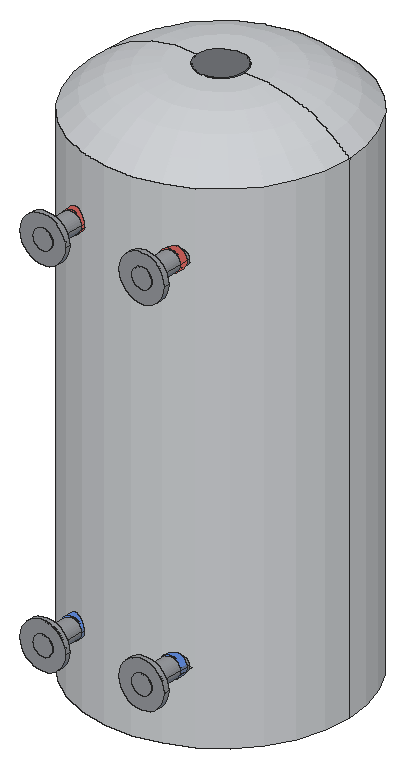
Revit family "CVC_Ballon-tampon_Weishaupt_WES-1000-WP-B", category Equipement de génie climatique, Revit 2026
Family settings
  Cote de connecteur circulaire = Utiliser le diamètre
  Type d'élément = Normal
  Basée sur le plan de construction = Non
  Toujours verticalement = Oui
  Couper avec des vides une fois chargée = Non
  Conserver l'orientation des annotations = Non
  Partagée = Non
  Repère de localisation dans la pièce = Non
Parameters (values of type "1000 L")
  Source = "CCTP lot 12 § 4.6.4 ; données Weishaupt"
  Modèle = "WES 1000 WP/B"
  Fabricant = "Weishaupt"
  Elévation par défaut = 0 mm
  Description = "Ballon tampon"
  Caractéristiques CCTP = "Ballon tampon 1000 L en chaufferie"
  A vérifier = "Raccordements à vérifier"
Reference planes
  plane 1 "Centre (avant/arrière)": y = 0
  plane 2: z = 0
  plane 3 "Centre (gauche/droite)": x = 0
Forms (mm)
  Revolve 1, solid, material "EHPAD_gris"
    sketch origin (0, 0, 0) x (0, 0, 1) y (1, 0, 0)
      loop
        line (70, 0) -> (2135, 0)
        arc (2135, 0) -> (2135.076, 266.925) -> (1996.4, 495) r 494.484
        line (1996.4, 495) -> (70, 495) -> (70, 0)
      axis (70, 0) -> (2135, 0)
    angle from 0 to 360
  Extrusion 2, solid, material "EHPAD_acier"
    sketch origin (0, 297, 0) x (1, 0, 0) y (0, 1, 0)
      loop
        circle (0, 0) r 40
    from 0 to 75
  Extrusion 3, solid, material "EHPAD_acier"
    sketch origin (-257.21, -148.5, 0) x (1, 0, 0) y (0, 1, 0)
      loop
        circle (0, 0) r 40
    from 0 to 75
  Extrusion 4, solid, material "EHPAD_acier"
    sketch origin (257.21, -148.5, 0) x (1, 0, 0) y (0, 1, 0)
      loop
        circle (0, 0) r 40
    from 0 to 75
  Extrusion 5, solid, material "EHPAD_anthracite"
    sketch origin (0, 0, 2123) x (1, 0, 0) y (0, 1, 0)
      loop
        circle (0, 0) r 89.1
    from 0 to 30
  Extrusion 6, solid, material "EHPAD_acier"
    sketch origin (-190, -417.083, 1750) x (0, 0, -1) y (1, 0, 0)
      loop
        circle (0, 0) r 38.05
    from 0 to 200
  Extrusion 7, solid, material "EHPAD_chaud"
    sketch origin (-190, -453.083, 1750) x (0, 0, -1) y (1, 0, 0)
      loop
        circle (0, 0) r 41.05
    from 0 to 28
  Extrusion 8, solid, material "EHPAD_acier"
    sketch origin (-190, -599.083, 1750) x (0, 0, -1) y (1, 0, 0)
      loop
        circle (0, 0) r 88.05
    from 0 to 18
  Extrusion 9, solid, material "EHPAD_acier"
    sketch origin (-190, -417.083, 350) x (0, 0, -1) y (1, 0, 0)
      loop
        circle (0, 0) r 38.05
    from 0 to 200
  Extrusion 10, solid, material "EHPAD_froid"
    sketch origin (-190, -453.083, 350) x (0, 0, -1) y (1, 0, 0)
      loop
        circle (0, 0) r 41.05
    from 0 to 28
  Extrusion 11, solid, material "EHPAD_acier"
    sketch origin (-190, -599.083, 350) x (0, 0, -1) y (1, 0, 0)
      loop
        circle (0, 0) r 88.05
    from 0 to 18
  Extrusion 12, solid, material "EHPAD_acier"
    sketch origin (190, -417.083, 1750) x (0, 0, -1) y (1, 0, 0)
      loop
        circle (0, 0) r 38.05
    from 0 to 200
  Extrusion 13, solid, material "EHPAD_chaud"
    sketch origin (190, -453.083, 1750) x (0, 0, -1) y (1, 0, 0)
      loop
        circle (0, 0) r 41.05
    from 0 to 28
  Extrusion 14, solid, material "EHPAD_acier"
    sketch origin (190, -599.083, 1750) x (0, 0, -1) y (1, 0, 0)
      loop
        circle (0, 0) r 88.05
    from 0 to 18
  Extrusion 15, solid, material "EHPAD_acier"
    sketch origin (190, -417.083, 350) x (0, 0, -1) y (1, 0, 0)
      loop
        circle (0, 0) r 38.05
    from 0 to 200
  Extrusion 16, solid, material "EHPAD_froid"
    sketch origin (190, -453.083, 350) x (0, 0, -1) y (1, 0, 0)
      loop
        circle (0, 0) r 41.05
    from 0 to 28
  Extrusion 17, solid, material "EHPAD_acier"
    sketch origin (190, -599.083, 350) x (0, 0, -1) y (1, 0, 0)
      loop
        circle (0, 0) r 88.05
    from 0 to 18
  Extrusion 18, solid, material "EHPAD_laiton"
    sketch origin (0, 455, 533.75) x (0, 0, 1) y (1, 0, 0)
      loop
        circle (0, 0) r 12
    from 0 to 90
  Extrusion 19, solid, material "EHPAD_laiton"
    sketch origin (0, 455, 1067.5) x (0, 0, 1) y (1, 0, 0)
      loop
        circle (0, 0) r 12
    from 0 to 90
  Extrusion 20, solid, material "EHPAD_laiton"
    sketch origin (0, 455, 1601.25) x (0, 0, 1) y (1, 0, 0)
      loop
        circle (0, 0) r 12
    from 0 to 90
Dimensions and locks
  aligned and locked: level to plane 2
Connectors
  piping at (-190, -617.083, 1750), diameter 65
    settings: on Extrusion 6, index 1, connector inside diameter 609.6 mm, connector length 0 mm, flow factor 0, pipe flow 0.0 L/s, pressure drop 0.0 Pa, fitting loss kfactor 0, connector angle 0.00°, fixture units 0, engagement length 0 mm, angle of deflection 0.00°, flow configuration 0, flow direction 0, fitting loss method 0, system type 7, joint type 0, gender type 0, connector reference index -1, connector utility 0, adjustable connector no, is connector primary yes, connector description "Départ production (PAC)"
  piping at (-190, -617.083, 350), diameter 65
    settings: on Extrusion 9, index 2, connector inside diameter 609.6 mm, connector length 0 mm, flow factor 0, pipe flow 0.0 L/s, pressure drop 0.0 Pa, fitting loss kfactor 0, connector angle 0.00°, fixture units 0, engagement length 0 mm, angle of deflection 0.00°, flow configuration 0, flow direction 0, fitting loss method 0, system type 8, joint type 0, gender type 0, connector reference index -1, connector utility 0, adjustable connector no, is connector primary no, connector description "Retour production (PAC)"
  piping at (190, -617.083, 1750), diameter 65
    settings: on Extrusion 12, index 3, connector inside diameter 609.6 mm, connector length 0 mm, flow factor 0, pipe flow 0.0 L/s, pressure drop 0.0 Pa, fitting loss kfactor 0, connector angle 0.00°, fixture units 0, engagement length 0 mm, angle of deflection 0.00°, flow configuration 0, flow direction 0, fitting loss method 0, system type 7, joint type 0, gender type 0, connector reference index -1, connector utility 0, adjustable connector no, is connector primary no, connector description "Départ distribution"
  piping at (190, -617.083, 350), diameter 65
    settings: on Extrusion 15, index 4, connector inside diameter 609.6 mm, connector length 0 mm, flow factor 0, pipe flow 0.0 L/s, pressure drop 0.0 Pa, fitting loss kfactor 0, connector angle 0.00°, fixture units 0, engagement length 0 mm, angle of deflection 0.00°, flow configuration 0, flow direction 0, fitting loss method 0, system type 8, joint type 0, gender type 0, connector reference index -1, connector utility 0, adjustable connector no, is connector primary no, connector description "Retour distribution"
